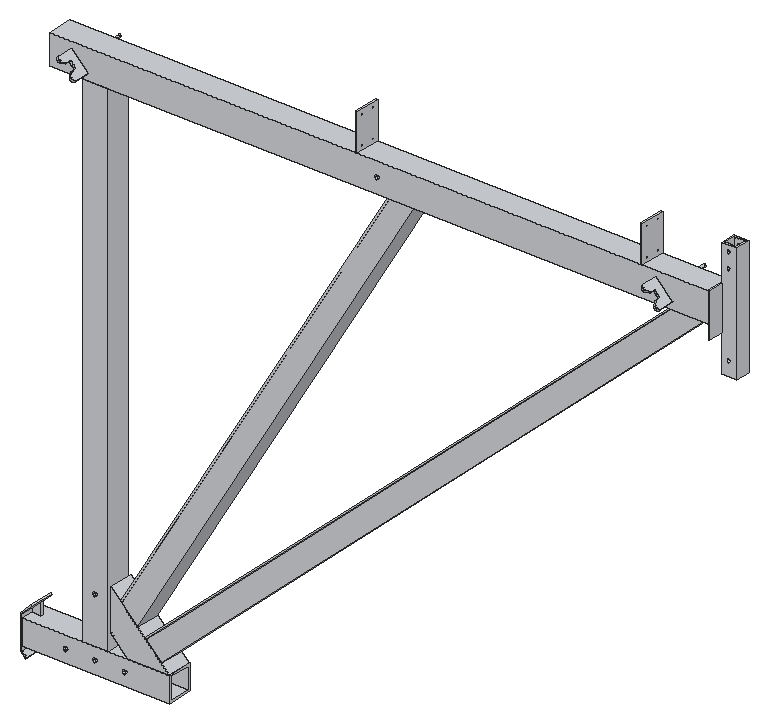
Revit family "051000_Climbing Bracket CB 240", category Generic Models, Revit 2018
Family settings
  Can host rebar = No
  Round Connector Dimension = Use Diameter
  Part Type = Normal
  Work Plane-Based = No
  Always vertical = Yes
  Cut with Voids When Loaded = No
  Shared = No
  Room Calculation Point = No
Reference planes
  plane 1 "Center (Front/Back)": y = 0
  plane 2: z = 0
  plane 3 "Center (Left/Right)": x = 0
  plane 4: z = 1800
  plane 5: z = 2150
  plane 6: x = 255
  plane 7: x = 155
  plane 8: x = 355
  plane 9: x = 2411
  plane 10: x = 100
  plane 11: x = 2361
  plane 12: x = 2356
  plane 13: x = 2386
  plane 14: y = -25
  plane 15: y = 25
  plane 16: z = 1975
  plane 17: z = 1600
  plane 18: z = 1960
  plane 19: z = 1865
  plane 20: z = 1650
  plane 21: z = 1980
  plane 22: z = 1930
  plane 23: x = 2386
  plane 24: z = 200
  plane 25: y = 42.5
  plane 26: y = 22.5
  plane 27: y = -22.5
Forms (mm)
  Extrusion 1, solid
    sketch origin (0, 0, 0) x (0, 1, 0) y (0, 0, 1)
      loop
        line (42.5, 42.5) -> (-42.5, 42.5) -> (-42.5, -42.5) -> (42.5, -42.5) -> (42.5, 42.5)
      loop
        line (37.5, 37.5) -> (-37.5, 37.5) -> (-37.5, -37.5) -> (37.5, -37.5) -> (37.5, 37.5)
    from 5 to 505
  Extrusion 2, solid
    sketch origin (0, 0, 0) x (1, 0, 0) y (0, 0, 1)
      loop
        line (0, 55) -> (0, -60) -> (17.678, -77.678) -> (21.213, -74.142) -> (5, -57.929) -> (5, 52.929) -> (38.891, 86.82) -> (35.355, 90.355) -> (0, 55)
    from -42.5 to 42.5
  Extrusion 3, solid
    sketch origin (0, 0, 0) x (1, 0, 0) y (0, 1, 0)
      loop
        line (38.891, -2.5) -> (38.891, 2.5) -> (8.891, 2.5) -> (8.891, -2.5) -> (38.891, -2.5)
    from 42.5 to 86.82
  Extrusion 4, void
    sketch origin (0, 0, 0) x (1, 0, 0) y (0, 0, 1)
      loop
        line (31.82, 86.82) -> (8.891, 86.82) -> (8.891, 63.891) -> (31.82, 86.82)
    from -424.82 to 505
  Extrusion 5, solid
    sketch origin (0, 0, 0) x (1, 0, 0) y (0, 1, 0)
      loop
        line (297.5, 42.5) -> (212.5, 42.5) -> (212.5, -42.5) -> (297.5, -42.5) -> (297.5, 42.5)
      loop
        line (217.5, 37.5) -> (217.5, -37.5) -> (292.5, -37.5) -> (292.5, 37.5) -> (217.5, 37.5)
    from 42.5 to 1750
  Extrusion 6, void
    sketch origin (0, 0, 0) x (1, 0, 0) y (0, 0, 1)
      loop
        circle (355, 0) r 8
      loop
        circle (255, 0) r 8
      loop
        circle (155, 0) r 8
      loop
        circle (255, 200) r 8
      loop
        circle (1209.835, 1800) r 8
    from -206.758 to 294.322
  Extrusion 7, solid
    sketch origin (0, 0, 0) x (1, 0, 0) y (0, 0, 1)
      loop
        line (362.5, 42.5) -> (502.5, 42.5) -> (305, 240) -> (305, 100) -> (362.5, 42.5)
    from -42.5 to 42.5
  Extrusion 8, void
    sketch origin (0, 0, 0) x (1, 0, 0) y (0, 0, 1)
      loop
        line (369.571, 42.5) -> (495.429, 42.5) -> (305, 232.929) -> (305, 107.071) -> (369.571, 42.5)
    from -40 to 40
  Extrusion 9, solid
    sketch origin (0, 0, 0) x (0, 1, 0) y (0, 0, 1)
      loop
        line (42.5, 1850) -> (-42.5, 1850) -> (-42.5, 1750) -> (42.5, 1750) -> (42.5, 1850)
      loop
        line (-37.5, 1845) -> (-37.5, 1755) -> (37.5, 1755) -> (37.5, 1845) -> (-37.5, 1845)
    from 100 to 2356
  Extrusion 10, solid
    sketch origin (0, 0, 0) x (1, 0, 0) y (0, 0, 1)
      loop
        line (336.924, 208.076) -> (395.375, 149.625) -> (1335.013, 1750) -> (1242.243, 1750) -> (336.924, 208.076)
      loop
        line (420.335, 124.665) -> (476.904, 68.096) -> (2314.143, 1750) -> (2195.781, 1750) -> (420.335, 124.665)
    from -40 to 40
  Extrusion 11, void
    sketch origin (0, 0, 0) x (1, 0, 0) y (0, 0, 1)
      loop
        line (1248.041, 1750) -> (340.577, 204.423) -> (391.722, 153.278) -> (1329.215, 1750) -> (1248.041, 1750)
      loop
        line (2203.186, 1750) -> (423.874, 121.126) -> (473.368, 71.632) -> (2306.745, 1750) -> (2203.186, 1750)
    from -35 to 35
  Extrusion 12, solid
    sketch origin (0, 0, 0) x (1, 0, 0) y (0, 0, 1)
      loop
        line (2356, 1875) -> (2356, 1725) -> (2361, 1725) -> (2361, 1875) -> (2356, 1875)
    from -75.388 to 74.5
  Extrusion 13, solid
    sketch origin (0, 0, 0) x (1, 0, 0) y (0, 1, 0)
      loop
        line (2361, 25) -> (2361, -25) -> (2411, -25) -> (2411, 25) -> (2361, 25)
      loop
        line (2366, 20) -> (2366, -20) -> (2406, -20) -> (2406, 20) -> (2366, 20)
    from 1600 to 2000
  Extrusion 14, solid
    sketch origin (0, 0, -25) x (1, 0, 0) y (0, 0, 1)
      loop
        line (2106, 1875) -> (2106, 2000) -> (2101, 2000) -> (2101, 1875) -> (2106, 1875)
      loop
        line (1141, 1875) -> (1141, 2000) -> (1136, 2000) -> (1136, 1875) -> (1141, 1875)
    from -42.5 to 42.5
  Extrusion 15, void
    sketch origin (0, 0, -25) x (0, 1, 0) y (0, 0, 1)
      loop
        circle (-22.5, 1985) r 4.5
      loop
        circle (22.5, 1985) r 4.5
      loop
        circle (22.5, 1890) r 4.5
      loop
        circle (-22.5, 1890) r 4.5
    from 1006.358 to 2230.811
  Extrusion 16, void
    sketch origin (0, 0, 0) x (1, 0, 0) y (0, 0, 1)
      loop
        circle (2386, 1980) r 6
      loop
        circle (2386, 1930) r 6
      loop
        circle (2386, 1650) r 6
    from -350.452 to 154.457
Cuts and joins
  Extrusion 4 cuts Extrusion 3
  joined: Extrusion 2, Extrusion 3
  Extrusion 6 cuts Extrusion 1
  Extrusion 8 cuts Extrusion 7
  Extrusion 11 cuts Extrusion 10
  Extrusion 6 cuts Extrusion 5
  Extrusion 15 cuts Extrusion 14
  Extrusion 16 cuts Extrusion 13
  Extrusion 6 cuts Extrusion 9
Dimensions and locks
  plane 9 to Extrusion 13 = 50 mm
  aligned and locked: level to plane 2
Nested families
  nested 1: "abc_Face" at (2179.902, 42.5, 1797.348) x (-0.7071, 0, 0.7071) z (0, 1, 0), type "abc_Face"
  nested 2: "abc_Face" at (198.902, 42.5, 1797.348) x (-0.7071, 0, 0.7071) z (0, 1, 0), type "abc_Face"
  nested 3: "abc_Face" at (198.902, -42.5, 1797.348) x (0.7071, 0, 0.7071) z (0, -1, 0), type "abc_Face"
  nested 4: "abc_Face" at (2177.25, -42.5, 1798.447) x (0.7071, 0, 0.7071) z (0, -1, 0), type "abc_Face"
Definition of nested family "abc_Face"
  Parameters (values of type "abc_Face")
    Default Elevation = 1219.2 mm
  Reference planes
    plane 1 "Center (Front/Back)": y = 0
    plane 2: z = 0
    plane 3 "Center (Left/Right)": x = 0
  Forms (mm)
    Extrusion 1, solid
      sketch origin (0, 0, 0) x (1, 0, 0) y (0, 1, 0)
        loop
          line (-1219.2, 1219.2) -> (-1219.2, -1219.2) -> (1219.2, -1219.2) -> (1219.2, 1219.2) -> (-1219.2, 1219.2)
      from 0 to -304.8
  Dimensions and locks
    aligned and locked: plane 2 to Extrusion 1
    aligned and locked: level to Extrusion 1
  Nested families
    nested 1: "abc" at (3.75, -29.966, 0), type "abc"
  Definition of nested family "abc"
    Reference planes
      plane 1 "Center (Front/Back)": y = 0
      plane 2: z = 0
      plane 3 "Center (Left/Right)": x = 0
      plane 4: y = 60
      plane 5: x = 40
      plane 6: x = -40
    Forms (mm)
      Extrusion 1, solid
        sketch origin (0, 29.966, 0) x (0, -1, 0) y (0, 0, 1)
          loop
            line (-40, 0) -> (40, 0) -> (40, 50)
            arc (40, 50) -> (34.669, 58.843) -> (24.361, 58.258) r 10
            line (24.361, 58.258) -> (12.322, 42.322) -> (12.322, 27.322) -> (0, 27.322) -> (-12.322, 27.322) -> (-12.322, 42.322) -> (-24.361, 58.258)
            arc (-24.361, 58.258) -> (-34.669, 58.843) -> (-40, 50) r 10
            line (-40, 50) -> (-40, 0)
        from 0 to 7.5
    Dimensions and locks
      aligned and locked: level to plane 2
